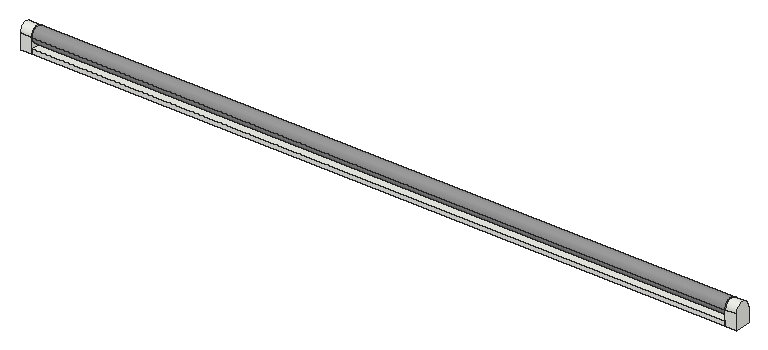
Revit family "ed2dfd17883e4ab6bf296a33062e869e", category Lighting Fixtures, Revit 2021
Family settings
  Round Connector Dimension = Use Diameter
  Part Type = Normal
  OmniClass Number = 23.80.70.11.14.14
  OmniClass Title = Uplights
  Seek Item ID = Uplight - Strip-0000-USA-ENU
  Work Plane-Based = No
  Always vertical = Yes
  Cut with Voids When Loaded = No
  Light Source = Yes
  Shared = No
  Room Calculation Point = No
Parameters (values of type "48" - 277V")
  Wattage = 40 W
  built-in parameter 1150110 = 1 (stored number, unit not read)
  built-in parameter 1114217 = 0.88 (stored number, unit not read)
  built-in parameter 1150109 = 1 (stored number, unit not read)
  built-in parameter 1150134 = 8
  built-in parameter 1150113 = 1 (stored number, unit not read)
  Tilt Angle = -90.00°
  Photometric Web File = "DS1T12.IES"
  built-in parameter 1150115 = 1 (stored number, unit not read)
  built-in parameter 1150105 = 250.67 (stored number, unit not read)
  Load Classification = Lighting - Dwelling Unit
  built-in parameter 1150137 = 1
  built-in parameter 1150139 = (empty or 0)
  built-in parameter 1150112 = 1 (stored number, unit not read)
  built-in parameter 1150114 = 1 (stored number, unit not read)
  built-in parameter 1150132 = (empty or 0)
  built-in parameter 1150102 = (empty or 0)
  built-in parameter 1150138 = (empty or 0)
  built-in parameter 1150107 = 4230 (stored number, unit not read)
  built-in parameter 1150106 = 2.5067 (stored number, unit not read)
  Emit from Line Length = Light Length - 0' 1 1/2"  # 3' - 10 1/2"
  built-in parameter 1150104 = 7.3161 (stored number, unit not read)
  Dimming Lamp Color Temperature Shift = <None>
  Default Elevation = 0' - 0"
  Color Filter = 16777215
  Ballast Voltage = 277 V
  Ballast Number of Poles = 1
  built-in parameter 1114218 = 0.88 (stored number, unit not read)
  built-in parameter 1150133 = 10 (stored number, unit not read)
  Assembly Code = "D5020210"
  Lamp = "T-12"
  Light Length = 4' - 0"
  Light Elevation = 5' - 0"
  Lumens = 3150 lm
  Wattage Comments = "40"
  Apparent Load = 40 VA
Types (5): name | Wattage | Photometric Web File | built-in parameter 1150105 | built-in parameter 1150106 | Emit from Line Length | built-in parameter 1150104 | Ballast Voltage | Lamp | Light Length | Lumens | Wattage Comments | Apparent Load
  (no name) | 40 W | "DS1T12.IES" | 250.67 (stored number, unit not read) | 2.5067 (stored number, unit not read) | 3' - 10 1/2" | 7.3161 (stored number, unit not read) | 277 V | "T-12" | 4' - 0" | 3150 lm | "40" | 40 VA
  48" - 120V | 40 W | "DS1T12.IES" | 250.67 (stored number, unit not read) | 2.5067 (stored number, unit not read) | 3' - 10 1/2" | 7.3161 (stored number, unit not read) | 120 V | "T-12" | 4' - 0" | 3150 lm | "40" | 40 VA
  24" - 120V | 17 W | "DS1T8.IES" | 107.43 (stored number, unit not read) | 1.0743 (stored number, unit not read) | 1' - 10 1/2" | 7.3774 (stored number, unit not read) | 120 V | "T-8" | 2' - 0" | 1349.97 lm | "17" | 17 VA
  24" - 277V | 17 W | "DS1T8.IES" | 107.43 (stored number, unit not read) | 1.0743 (stored number, unit not read) | 1' - 10 1/2" | 7.3774 (stored number, unit not read) | 277 V | "T-8" | 2' - 0" | 1349.97 lm | "17" | 17 VA
  48" - 277V | 40 W | "DS1T12.IES" | 250.67 (stored number, unit not read) | 2.5067 (stored number, unit not read) | 3' - 10 1/2" | 7.3161 (stored number, unit not read) | 277 V | "T-12" | 4' - 0" | 3150 lm | "40" | 40 VA
Reference planes (in)
  plane 1 "Light Source Axis": y = 0
  plane 2: z = 0
  plane 3 "Light Source Axis": x = 0
  plane 4 "Light Source Elevation": z = 61
  plane 5: x = -24
  plane 6: x = 24
  plane 7: x = 23.25
  plane 8: x = -23.25
  plane 9: z = 60
Forms (in)
  Sweep 1, solid, material "Glass, White, High Luminance"
    path origin (0, 0, 61) x (0, -1, 0) y (1, 0, 0)
      loop
        line (0, -23.25) -> (0, 23.25)
    profile origin (0, 0, 54) x (0, 1, 0) y (0, 0, 1)
      loop
        circle (0, 7) r 0.5
  Extrusion 2, solid, material "Steel, Paint Finish, Ivory, Glossy"
    sketch origin (-23.25, 0, 67.5) x (0, 0, 1) y (0, 1, 0)
      loop
        line (-7.5, 0.5) -> (-7.5, -0.5) -> (-6.5, -0.5)
        arc (-6.5, -0.5) -> (-6, 0) -> (-6.5, 0.5) r 0.5
        line (-6.5, 0.5) -> (-7.5, 0.5)
    from 0 to 0.75
  Extrusion 3, solid, material "Steel, Paint Finish, Ivory, Glossy"
    sketch origin (23.25, 0, 60.5) x (0, 1, 0) y (0, 0, 1)
      loop
        line (-0.5, -0.5) -> (0.5, -0.5) -> (0.5, 0.5)
        arc (0.5, 0.5) -> (0, 1) -> (-0.5, 0.5) r 0.5
        line (-0.5, 0.5) -> (-0.5, -0.5)
    from 0 to 0.75
  Extrusion 4, solid, material "Steel, Paint Finish, Ivory, Glossy"
    sketch origin (24, 0, 60.5) x (0, 1, 0) y (0, 0, 1)
      loop
        line (0.5, -0.5) -> (0.5, -0.15871) -> (-0.5, -0.15871) -> (-0.5, -0.5) -> (0.5, -0.5)
    from -47.25 to -0.75
Lines and regions (in)
  symbolic lines
    curve 1: line (24, 0.5, 0) -> (-24, 0.5, 0)
    curve 2: line (24, -0.5, 0) -> (24, 0.5, 0)
    curve 3: line (-24, -0.5, 0) -> (24, -0.5, 0)
    curve 4: line (-24, 0.5, 0) -> (-24, -0.5, 0)
Dimensions and locks (in)
  equal spacing: plane 5, plane 3 "Light Source Axis", plane 6
  "Light Length": plane 5 to plane 6
  locked: plane 5 to plane 8 at 0.75
  locked: plane 7 to plane 6 at 0.75
  locked: plane 4 "Light Source Elevation" to plane 9 at 1
  "Light Elevation": plane 9 to plane 2
  aligned and locked: plane 8 to Sweep 1 sketch curve
  aligned and locked: plane 7 to Sweep 1 sketch curve
  aligned and locked: Extrusion 2 to Sweep 1
  aligned and locked: Extrusion 3 sketch curve to Sweep 1
  aligned and locked: Extrusion 3 to Sweep 1
  aligned and locked: Extrusion 3 to plane 6
  aligned and locked: Extrusion 4 sketch curve to Extrusion 2  (x3)
  aligned and locked: Extrusion 4 to Sweep 1
  aligned and locked: curve 1 to plane 6
  aligned and locked: curve 4 to Extrusion 2  (x2)
  aligned and locked: plane 9 to Extrusion 2
  aligned and locked: Extrusion 2 to plane 5
  aligned and locked: plane 8 to Extrusion 4
  aligned and locked: plane 3 "Light Source Axis" to imposter light
  aligned and locked: plane 1 "Light Source Axis" to imposter light
  aligned and locked: plane 4 "Light Source Elevation" to imposter light
Automatic sketch dimensions
  Sweep 1 sketch curve to plane 4 "Light Source Elevation" = 0' - 0"
  Sweep 1 sketch curve to profile plane = 0' - 0"
  profile plane to Sweep 1 sketch curve = 0' - 0 1/2"
  Sweep 1 sketch curve to plane 1 "Light Source Axis" = 0' - 0"
  Extrusion 2 sketch curve to plane 1 "Light Source Axis" = 0' - 0"
  Extrusion 2 sketch curve to plane 4 "Light Source Elevation" = 0' - 0"
  Extrusion 2 sketch curve to Extrusion 2 sketch curve = 0' - 1"
  plane 1 "Light Source Axis" to Extrusion 2 sketch curve = 0' - 0 1/2"
  Extrusion 3 sketch curve to Extrusion 3 sketch curve = 0' - 1"
  Extrusion 4 sketch curve to Extrusion 4 sketch curve = 0' - 0.34129"
  curve 4 to plane 1 "Light Source Axis" = 0' - 0 1/2"
Connectors (in)
  electrical at (0, 0, 60), driven by "Apparent Load", driven by "Ballast Voltage", driven by "Ballast Number of Poles", driven by "Load Classification"
    settings: on Extrusion 4, index 1, voltage 277 V, apparent load 0 VA, apparent load phase1 40 VA, apparent load phase2 0 VA, apparent load phase3 0 VA, power factor 0.95, load classification "Lighting - Dwelling Unit", number of poles 1, system type 31, power factor state 1, is connector primary yes, connector utility no, sub classification motor no, connector description ""
